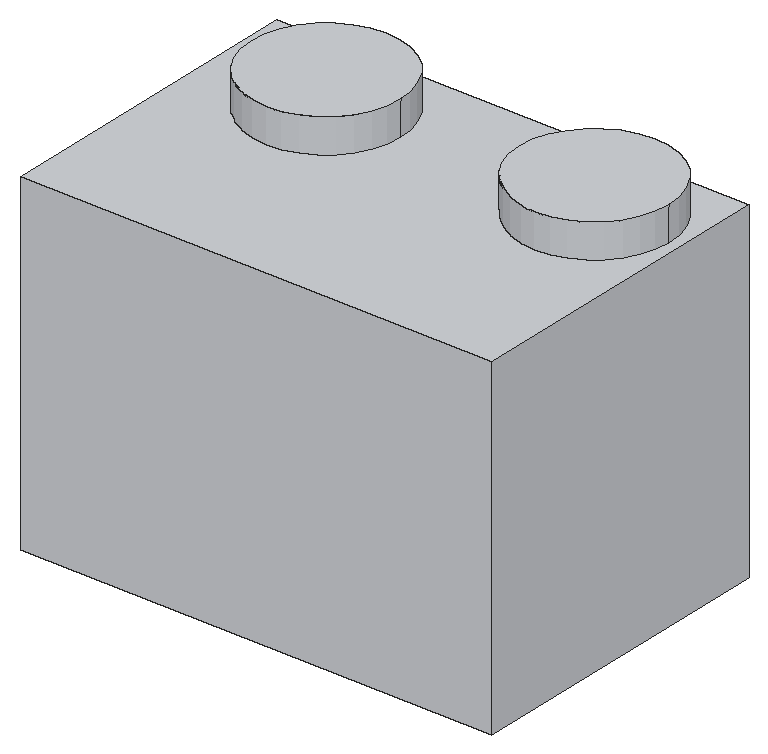
Revit family "M_Condensador - Resfriado a ar - Horizontal - 88-133 kW", category Equipamento mecânico, Revit 2019
Family settings
  Cota do conector redondo = Usar raio
  Tipo de parte = Normal
  Número OmniClass = 23.75.10.24.21.11.11
  Título OmniClass = Packaged Refrigerant Condensing Coils and Fan Units
  ID de item do Seek = Condenser - Air Cooled - Horizontal - 88-133 kW-0000-CAN-ENU
  Com base no plano de trabalho = Não
  Sempre na vertical = Sim
  Corte com vazios quando carregada = Não
  Compartilhado = Não
  Ponto de cálculo do ambiente = Não
Parameters (values of type "88 kW")
  Voltagem = 460 V
  Visibilidade = no
  Raio da saída = 7.5 mm
  Diâmetro da saída = 2 * Raio da saída  # 15 mm
  Número de pólos = 3
  Classificação de carga = Refrigeração
  Raio da embocadura = 14 mm
  Diâmetro da embocadura = 2 * Raio da embocadura  # 28 mm
  Fluxo de material criogênico [instance] = 0.0 L/s
  Largura do condensador = 1527 mm
  Material do condensador = none
  Comprimento do condensador = 2242 mm
  Altura do condensador = 1588 mm
  Carga aparente [instance] = 1890 VA
Types (4, lengths in mm): name | Visibilidade | Raio da saída | Diâmetro da saída | Carga aparente
  (no name) | no | 7.5 | 15 | 1890 VA
  88 kW | no | 7.5 | 15 | 1890 VA
  109 kW | yes | 7.5 | 15 | 2710 VA
  133 kW | yes | 11.5 | 23 | 2710 VA
Reference planes
  plane 1 "Centro (Frente/Trás)": y = 0
  plane 2: z = 0
  plane 3 "Centro (Esquerda/Direita)": x = 0
  plane 4: x = 2242
  plane 5: y = -1527
  plane 6: z = 1588
  plane 7: z = 127
  plane 8: x = 63.5
  plane 9: x = 2178.5
  plane 10: y = -63.5
  plane 11: y = -1463.5
  plane 12: y = -1457.15
  plane 13: x = 203.2
  plane 14: y = -396.7
  plane 15: z = 1518.15
  plane 16: z = 629.15
  plane 17: y = -406.4
  plane 18: x = 558.8
  plane 19: x = 1835.6
  plane 20: y = -1120.6
  plane 21: x = 1197.425
  plane 22: z = 1749.925
  plane 23: x = 1851.025
  plane 24: y = -1260.3
  plane 25: x = 727.075
  plane 26: y = -1371.425
  plane 27: y = -1346.025
  plane 28: x = 92.075
Forms (mm)
  Extrusion 1, solid, material <- "Material do condensador"
    sketch origin (0, 0, 0) x (1, 0, 0) y (0, 1, 0)
      loop
        line (0, 0) -> (0, -1527) -> (2242, -1527) -> (2242, 0) -> (0, 0)
    from 0 to 1588
  Extrusion 2, void
    sketch origin (0, 0, 0) x (1, 0, 0) y (0, 1, 0)
      loop
        line (63.5, -63.5) -> (63.5, -1463.5) -> (2178.5, -1463.5) -> (2178.5, -63.5) -> (63.5, -63.5)
    from 0 to 127
  Extrusion 3, void
    sketch origin (0, 0, 0) x (1, 0, 0) y (0, 1, 0)
      loop
        line (0, -396.7) -> (0, -1457.15) -> (203.2, -1457.15) -> (203.2, -396.7) -> (0, -396.7)
    from 629.15 to 1518.15
  Extrusion 4, solid, material <- "Material do condensador", detail levels fine
    sketch origin (0, 0, 0) x (1, 0, 0) y (0, 1, 0)
      loop
        circle (558.8, -406.4) r 355.6
    from 1588 to 1749.925
  Extrusion 5, solid, material <- "Material do condensador", detail levels fine
    sketch origin (0, 0, 0) x (1, 0, 0) y (0, 1, 0)
      loop
        circle (1835.6, -406.4) r 355.6
    from 1588 to 1749.925
  Extrusion 6, solid, material <- "Material do condensador", visible <- "Visibilidade", detail levels fine
    sketch origin (0, 0, 0) x (1, 0, 0) y (0, 1, 0)
      loop
        circle (1197.425, -1120.6) r 355.6
    from 1588 to 1749.925
  Extrusion 7, solid, material <- "Material do condensador"
    sketch origin (0, 0, 0) x (1, 0, 0) y (0, 1, 0)
      loop
        circle (1851.025, -1260.3) r 12.7
    from 127 to 629.15
  Extrusion 8, solid, material <- "Material do condensador"
    sketch origin (0, 0, 0) x (1, 0, 0) y (0, 1, 0)
      loop
        circle (727.075, -1371.425) r 12.7
    from 127 to 629.15
  Extrusion 9, solid, material <- "Material do condensador"
    sketch origin (0, 0, 0) x (1, 0, 0) y (0, 1, 0)
      loop
        circle (92.075, -1346.025) r 12.7
    from 127 to 629.15
Cuts and joins
  Extrusion 2, Extrusion 3 cuts Extrusion 1
  joined: Extrusion 1, Extrusion 7, Extrusion 8, Extrusion 9
  joined: Extrusion 4, Extrusion 5
Dimensions and locks
  "Comprimento do condensador": plane 3 "Centro (Esquerda/Direita)" to plane 4
  "Largura do condensador": plane 5 to plane 1 "Centro (Frente/Trás)"
  "Altura do condensador": plane 6 to plane 2
  locked: plane 7 to plane 2 at 127
  locked: plane 8 to plane 3 "Centro (Esquerda/Direita)" at 63.5
  locked: plane 4 to plane 9 at 63.5
  locked: plane 1 "Centro (Frente/Trás)" to plane 10 at 63.5
  locked: plane 11 to plane 5 at 63.5
  locked: plane 12 to plane 5 at 69.85
  locked: plane 3 "Centro (Esquerda/Direita)" to plane 13 at 203.2
  locked: plane 14 to plane 12 at 1060.45
  locked: plane 6 to plane 15 at 69.85
  locked: plane 15 to plane 16 at 889
  locked: plane 17 to plane 1 "Centro (Frente/Trás)" at 406.4
  locked: plane 3 "Centro (Esquerda/Direita)" to plane 18 at 558.8
  plane 13 to plane 18 to cut or joined group of Extrusion 1, Extrusion 2, Extrusion 3, Extrusion 7, Extrusion 8, Extrusion 9 = 355.6 mm, 1619.7 mm
  locked: plane 19 to plane 4 at 406.4
  locked: plane 20 to plane 5 at 406.4
  locked: plane 21 to plane 4 at 1044.575
  locked: plane 22 to plane 6 at 161.925
  locked: plane 3 "Centro (Esquerda/Direita)" to plane 23 at 1851.025
  locked: plane 24 to plane 5 at 266.7
  locked: plane 3 "Centro (Esquerda/Direita)" to plane 25 at 727.075
  locked: plane 26 to plane 5 at 155.575
  locked: plane 27 to plane 5 at 180.975
  locked: plane 3 "Centro (Esquerda/Direita)" to plane 28 at 92.075
  aligned and locked: plane 3 "Centro (Esquerda/Direita)" to Extrusion 1 sketch curve
  aligned and locked: plane 1 "Centro (Frente/Trás)" to Extrusion 1 sketch curve
  aligned and locked: plane 5 to Extrusion 1 sketch curve
  aligned and locked: Extrusion 1 sketch curve to plane 4
  aligned and locked: plane 6 to Extrusion 1
  aligned and locked: Extrusion 1 to plane 2
  aligned and locked: plane 8 to Extrusion 2 sketch curve
  aligned and locked: Extrusion 2 sketch curve to plane 10
  aligned and locked: plane 11 to Extrusion 2 sketch curve
  aligned and locked: Extrusion 2 sketch curve to plane 9
  aligned and locked: Extrusion 2 to plane 2
  aligned and locked: plane 7 to Extrusion 2
  aligned and locked: plane 3 "Centro (Esquerda/Direita)" to Extrusion 3 sketch curve
  aligned and locked: Extrusion 3 sketch curve to plane 14
  aligned and locked: plane 12 to Extrusion 3 sketch curve
  aligned and locked: Extrusion 3 sketch curve to plane 13
  aligned and locked: plane 15 to Extrusion 3
  aligned and locked: Extrusion 3 to plane 16
  aligned and locked: plane 18 to Extrusion 4 sketch curve
  aligned and locked: plane 17 to Extrusion 4 sketch curve
  aligned and locked: plane 17 to Extrusion 5 sketch curve
  aligned and locked: plane 19 to Extrusion 5 sketch curve
  aligned and locked: plane 20 to Extrusion 6 sketch curve
  aligned and locked: plane 21 to Extrusion 6 sketch curve
  aligned and locked: plane 22 to Extrusion 4
  aligned and locked: Extrusion 4 to plane 6
  aligned and locked: Extrusion 6 to Extrusion 4
  aligned and locked: Extrusion 6 to plane 6
  aligned and locked: Extrusion 5 to Extrusion 4
  aligned and locked: Extrusion 5 to plane 6
  aligned and locked: plane 24 to Extrusion 7 sketch curve
  aligned and locked: plane 23 to Extrusion 7 sketch curve
  aligned and locked: Extrusion 7 to plane 7
  aligned and locked: Extrusion 7 to cut or joined group of Extrusion 1, Extrusion 2, Extrusion 3, Extrusion 7, Extrusion 8, Extrusion 9
  aligned and locked: plane 26 to Extrusion 8 sketch curve
  aligned and locked: plane 25 to Extrusion 8 sketch curve
  aligned and locked: Extrusion 8 to plane 7
  aligned and locked: Extrusion 8 to cut or joined group of Extrusion 1, Extrusion 2, Extrusion 3, Extrusion 7, Extrusion 8, Extrusion 9
  aligned and locked: plane 27 to Extrusion 9 sketch curve
  aligned and locked: plane 28 to Extrusion 9 sketch curve
  aligned and locked: Extrusion 9 to plane 7
  aligned and locked: Extrusion 9 to cut or joined group of Extrusion 1, Extrusion 2, Extrusion 3, Extrusion 7, Extrusion 8, Extrusion 9
Automatic sketch dimensions
  radius of Extrusion 4 sketch curve = 355.6 mm
  radius of Extrusion 5 sketch curve = 355.6 mm
  radius of Extrusion 6 sketch curve = 355.6 mm
  radius of Extrusion 7 sketch curve = 12.7 mm
  radius of Extrusion 8 sketch curve = 12.7 mm
  radius of Extrusion 9 sketch curve = 12.7 mm
Connectors
  piping at (1851.025, -1260.3, 127), diameter 15, driven by "Raio da saída", driven by "Fluxo de material criogênico"
    settings: on Extrusion 7, index 1, connector inside diameter 15 mm, connector length 0 mm, flow factor 0, pipe flow 0.0 L/s, pressure drop 0.0 Pa, fitting loss kfactor 0, connector angle 0.00°, fixture units 0, engagement length 0 mm, angle of deflection 0.00°, flow configuration 0, flow direction 2, fitting loss method 0, system type 7, joint type 0, gender type 0, connector reference index 2, connector utility 0, adjustable connector no, is connector primary yes, connector description "Saída de material criogênico"
  piping at (727.075, -1371.425, 127), diameter 28, driven by "Raio da embocadura", driven by "Fluxo de material criogênico"
    settings: on Extrusion 8, index 2, connector inside diameter 28 mm, connector length 0 mm, flow factor 0, pipe flow 0.0 L/s, pressure drop 0.0 Pa, fitting loss kfactor 0, connector angle 0.00°, fixture units 0, engagement length 0 mm, angle of deflection 0.00°, flow configuration 0, flow direction 1, fitting loss method 0, system type 8, joint type 0, gender type 0, connector reference index 1, connector utility 0, adjustable connector no, is connector primary no, connector description "Entrada de material criogênico"
  electrical at (92.075, -1346.025, 629.15), driven by "Número de pólos", driven by "Voltagem", driven by "Carga aparente", driven by "Classificação de carga"
    settings: on Extrusion 9, index 3, voltage 460 V, apparent load 1890 VA, apparent load phase1 0 VA, apparent load phase2 0 VA, apparent load phase3 0 VA, power factor 0.8, load classification "Refrigeração", number of poles 3, system type 30, power factor state 1, is connector primary yes, connector utility no, sub classification motor no, connector description ""
